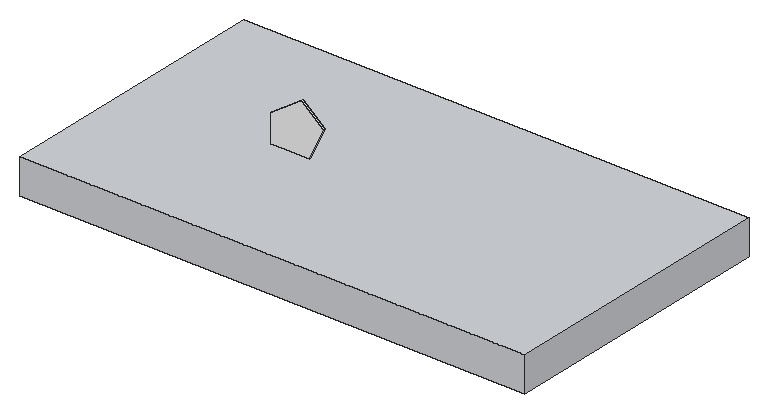
Revit family
Parameters (values of type "표준")
  두께 [instance] = 12.5 mm
  강판 재료 = 금속 - 스틸 - 345 MPa
  베벨 길이 [instance] = 250 mm
  길이 [instance] = 460 mm
  L1 [instance] = 베벨 길이 * sin(각도)  # 191.511 mm
  높이 [instance] = 430 mm
  H1 [instance] = 베벨 길이 * cos(각도)  # 160.697 mm
  Default Elevation = 1200 mm
  각도 [instance] = 50.00°
  각도 2 [instance] = 15.00°
  각도 1 [instance] = 15.00°
Reference planes
  plane 1 "중심(앞/뒤)": y = 0
  plane 2: z = 0
  plane 3 "중심(왼쪽/오른쪽)": x = 0
  plane 4: z = 430
  plane 5: y = 6.25
  plane 6: y = -6.25
  plane 7: x = 460
  plane 8: x = 0
  plane 9: z = 430
  plane 10: x = 460
  plane 11: x = 268.489
  plane 12: z = 269.303
Forms (mm)
  Extrusion 1, solid
    sketch origin (0, 0, 0) x (1, 0, 0) y (0, 1, 0)
      loop
        line (-1219.2, 1219.2) -> (-1219.2, -1219.2) -> (3185.238, -1219.2) -> (3185.238, 1219.2) -> (-1219.2, 1219.2)
    from 0 to -304.8
  Extrusion 2, solid, material "금속 - 스틸 - 345 MPa" <- "강판 재료"
    sketch origin (0, 0, 0) x (1, 0, 0) y (0, 0, 1)
      loop
        line (268.489, 430) -> (0, 242.002) -> (0, 0) -> (334.422, 0) -> (460, 269.303) -> (268.489, 430)
    from -6.25 to 6.25
Lines and regions (mm)
  reference lines
    curve 1: line (0, 0, 0) -> (360.813, 0, 430)
Dimensions and locks
  "높이": plane 4 to plane 2
  equal spacing: plane 6, plane 1 "중심(앞/뒤)", plane 5
  "두께": plane 6 to plane 5
  "길이": plane 8 to plane 7
  "H1": plane 4 to plane 12
  "L1": plane 7 to plane 11
  "베벨 길이": Extrusion 2 to Extrusion 2
  "각도": angle plane 2 to curve 1
  "각도 1": angle Extrusion 2 sketch curve to curve 1
  "각도 2": angle curve 1 to Extrusion 2 sketch curve
  aligned and locked: Extrusion 1 to plane 2
  aligned and locked: Extrusion 1 to level
  aligned and locked: plane 5 to Extrusion 2
  aligned and locked: plane 6 to Extrusion 2
  aligned and locked: plane 4 to curve 1
  aligned and locked: plane 3 "중심(왼쪽/오른쪽)" to curve 1
  aligned and locked: plane 2 to curve 1
  aligned and locked: plane 8 to plane 3 "중심(왼쪽/오른쪽)"
  aligned and locked: plane 4 to plane 9
  aligned and locked: plane 10 to plane 7
  aligned and locked: Extrusion 1 to Extrusion 2 sketch curve
  aligned and locked: plane 12 to Extrusion 2 sketch curve
  aligned and locked: plane 7 to Extrusion 2 sketch curve
  aligned and locked: plane 11 to Extrusion 2 sketch curve
  aligned and locked: plane 8 to Extrusion 2 sketch curve
  aligned and locked: plane 4 to Extrusion 2 sketch curve
Automatic sketch dimensions
  Extrusion 1 sketch curve to Extrusion 1 sketch curve = 4404.438 mm
  Extrusion 1 sketch curve to Extrusion 1 sketch curve = 2438.4 mm
